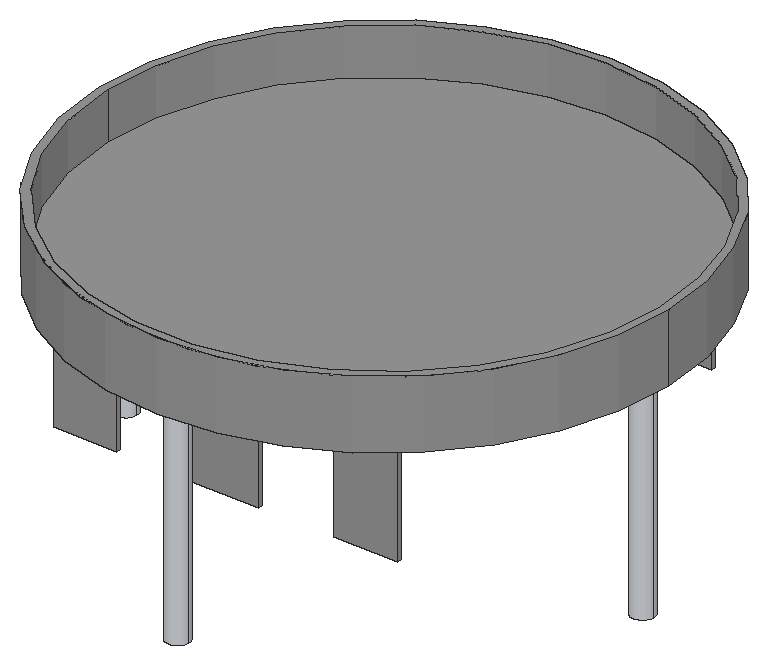
Revit family "Nivellierbare Schwerlastkassette,blind, RKRSL, 25, 9", category Generic Models, Revit 2015
Parameters (values of type "RKR2 9SL2 V2 25")
  URL = "http://www.obo-bettermann.com"
  Material = Stainless Steel, Polished
  Manufacturer Art.No. = "7409114"
  Manufacturer = "OBO Bettermann"
  HeightCalc = if(Height < 109 mm, 109 mm, (if(Height > 159 mm, 159 mm, Height)))  # 150 mm
  Height 1 = 36.5 mm
  Height = 150 mm
  GTIN = "4012195868385"
  Diameter 1 = 295.6 mm
  Diameter = 304 mm
  Cut depth = 25 mm
  Article Type = "RKR2 9SL2 V2 25"
Reference planes
  plane 1 "Center (Front/Back)": y = 0
  plane 2: z = 0
  plane 3 "Center (Left/Right)": x = 0
  plane 4: z = 113.5
  plane 5: y = 99.5
  plane 6: y = -99.5
  plane 7: z = 150
  plane 8: z = 54.7
  plane 9: z = 125
Forms (mm)
  Extrusion 1, solid
    sketch origin (0, 0, 0) x (1, 0, 0) y (0, 1, 0)
      loop
        circle (0, 138) r 6
      loop
        circle (0, -138) r 6
      loop
        circle (-138, 0) r 6
      loop
        circle (138, 0) r 6
    from 0 to 113.5
  Extrusion 2, solid, material "Stainless Steel, Polished" <- "Material"
    sketch origin (0, 0, 0) x (1, 0, 0) y (0, 1, 0)
      loop
        line (-92, 106) -> (-92, 104) -> (-58, 104) -> (-58, 106) -> (-92, 106)
      loop
        line (-18, 106) -> (-18, 104) -> (18, 104) -> (18, 106) -> (-18, 106)
      loop
        line (58, 106) -> (58, 104) -> (92, 104) -> (92, 106) -> (58, 106)
      loop
        line (-92, -104) -> (-92, -106) -> (-58, -106) -> (-58, -104) -> (-92, -104)
      loop
        line (-18, -104) -> (-18, -106) -> (18, -106) -> (18, -104) -> (-18, -104)
      loop
        line (58, -104) -> (58, -106) -> (92, -106) -> (92, -104) -> (58, -104)
    from 54.7 to 113.5
  Extrusion 3, solid, material "Stainless Steel, Polished" <- "Material"
    sketch origin (0, 0, 0) x (1, 0, 0) y (0, 1, 0)
      loop
        circle (0, 0) r 152
    from 113.5 to 150
  Extrusion 4, void
    sketch origin (0, 0, 0) x (1, 0, 0) y (0, 1, 0)
      loop
        circle (0, 0) r 147.8
    from 125 to 150
Cuts and joins
  Extrusion 4 cuts Extrusion 1
  Extrusion 4 cuts Extrusion 2
  Extrusion 4 cuts Extrusion 3
Dimensions and locks
  "HeightCalc": plane 7 to level
  "Height 1": plane 7 to plane 4
  locked: plane 4 to plane 8 at 58.8
  "Cut depth": plane 7 to plane 9
  locked: plane 5 to plane 6 at 199
  equal spacing: plane 5, plane 1 "Center (Front/Back)", plane 6, locked at 99.5 each
  locked: plane 1 "Center (Front/Back)" to Extrusion 1 sketch curve at 138
  locked: Extrusion 1 sketch curve to plane 1 "Center (Front/Back)" at 138
  locked: Extrusion 1 sketch curve to plane 3 "Center (Left/Right)" at 138
  locked: plane 3 "Center (Left/Right)" to Extrusion 1 sketch curve at 138
  locked: Extrusion 2 sketch curve to Extrusion 2 sketch curve at 2  (x2)
  locked: Extrusion 2 sketch curve to plane 1 "Center (Front/Back)" at 104  (x2)
  locked: Extrusion 2 sketch curve to Extrusion 2 sketch curve at 34  (x4)
  locked: Extrusion 2 sketch curve to Extrusion 2 sketch curve at 116  (x2)
  equal spacing: Extrusion 2 sketch curve, plane 3 "Center (Left/Right)", Extrusion 2 sketch curve, locked at 58 each  (x2)
  locked: Extrusion 2 sketch curve to Extrusion 2 sketch curve at 36  (x2)
  equal spacing: Extrusion 2 sketch curve, plane 3 "Center (Left/Right)", Extrusion 2 sketch curve, locked at 18 each  (x2)
  "Diameter": diameter of Extrusion 3 sketch curve
  "Diameter 1": diameter of Extrusion 4 sketch curve
  diameter of Extrusion 1 sketch curve = 12 mm  (x4)
  aligned and locked: level to plane 2
  aligned and locked: plane 4 to Extrusion 1
  aligned and locked: Extrusion 1 to Extrusion 2
  aligned and locked: Extrusion 2 to plane 8
  aligned and locked: Extrusion 3 to Extrusion 1
  aligned and locked: plane 7 to Extrusion 3
  aligned and locked: cut or joined group of Extrusion 3, Extrusion 4 to Extrusion 4
  aligned and locked: Extrusion 4 to plane 9
  aligned and locked: Extrusion 2 sketch curve to Extrusion 2 sketch curve  (x8)
Automatic sketch dimensions
  Extrusion 1 sketch curve to plane 3 "Center (Left/Right)" = 0 mm  (x2)
  plane 1 "Center (Front/Back)" to Extrusion 1 sketch curve = 0 mm  (x2)
  plane 1 "Center (Front/Back)" to Extrusion 4 sketch curve = 0 mm
  Extrusion 4 sketch curve to plane 3 "Center (Left/Right)" = 0 mm
  plane 1 "Center (Front/Back)" to Extrusion 3 sketch curve = 0 mm
  Extrusion 3 sketch curve to plane 3 "Center (Left/Right)" = 0 mm
